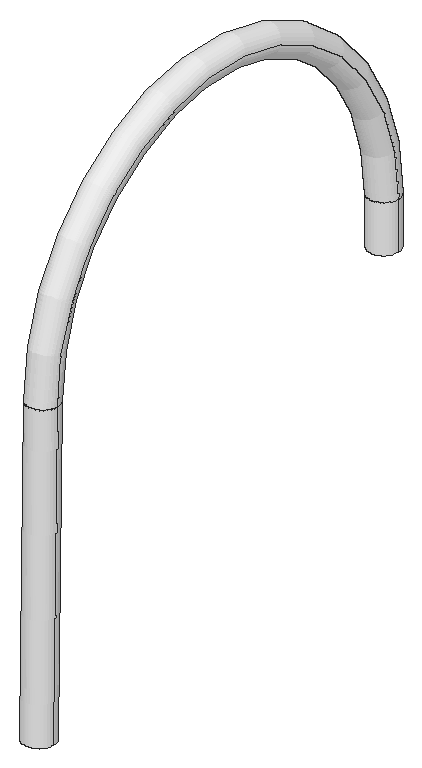
Revit family "Deca_Misturador monocomando de mesa para cozinha_Spin Gourmet_2281", category Plumbing Fixtures, host Face, Revit 2019 (continued)
Lines and regions (mm)
  symbolic lines
    curve 207: arc (0, -6.251, 431.333) -> (0, -6.309, 428.852) -> (0, -6.251, 426.371) r 53.121
    curve 208: arc (0, 6.249, 433.002) -> (0, 6.193, 430.573) -> (0, 6.244, 428.145) r 55.018
    curve 209: line (0, 6.249, 431.377) -> (0, 6.237, 423.087)
    curve 210: line (0, 6.249, 421.366) -> (0, 6.236, 413.087)
    curve 211: line (0, -6.251, 426.371) -> (0, -10.908, 418.854)
    curve 212: arc (0, 6.237, 423.087) -> (0, -0.021, 422.319) -> (0, -6.251, 421.345) r 190.396
    curve 213: line (0, -6.251, 421.345) -> (0, -6.251, 418.032)
    curve 214: line (0, 6.237, 423.087) -> (0, 6.237, 418.032)
    curve 215: line (0, -168.809, 492.876) -> (0, -163.694, 499.423)
    curve 216: line (0, -175.308, 482.046) -> (0, -171.137, 489.279)
    curve 217: line (0, -180.361, 470.521) -> (0, -177.179, 478.242)
    curve 218: line (0, -183.919, 458.275) -> (0, -181.715, 466.499)
    curve 219: line (0, -185.713, 446.002) -> (0, -184.659, 454.283)
    curve 220: arc (0, -184.659, 454.283) -> (0, -183.979, 457.995) -> (0, -183.085, 461.662) r 65.307
    curve 221: arc (0, -181.715, 466.499) -> (0, -180.521, 470.075) -> (0, -179.186, 473.601) r 95.25
    curve 222: arc (0, -177.179, 478.242) -> (0, -175.524, 481.629) -> (0, -173.735, 484.949) r 95.25
    curve 223: arc (0, -171.137, 489.279) -> (0, -169.096, 492.466) -> (0, -166.824, 495.494) r 51.078
    curve 224: arc (0, -159.458, 484.3) -> (0, -157.886, 486.814) -> (0, -155.984, 489.087) r 21.487
    curve 225: arc (0, -164.955, 474.826) -> (0, -163.601, 477.443) -> (0, -162.156, 480.01) r 82.75
    curve 226: arc (0, -169.154, 464.706) -> (0, -168.158, 467.48) -> (0, -167.063, 470.216) r 82.75
    curve 227: arc (0, -171.974, 454.147) -> (0, -171.351, 457.029) -> (0, -170.627, 459.886) r 82.75
    curve 228: arc (0, -173.375, 443.341) -> (0, -173.138, 446.265) -> (0, -172.798, 449.178) r 82.75
    curve 229: arc (0, -185.38, 449.319) -> (0, -185.748, 445.575) -> (0, -185.968, 441.82) r 95.25
    curve 230: arc (0, -152.76, 492.962) -> (0, -158.173, 496.284) -> (0, -163.694, 499.423) r 189.873
    curve 231: arc (0, -159.458, 484.3) -> (0, -165.351, 486.665) -> (0, -171.137, 489.279) r 148.706
    curve 232: arc (0, -164.955, 474.826) -> (0, -171.034, 476.654) -> (0, -177.179, 478.242) r 162.043
    curve 233: arc (0, -169.154, 464.706) -> (0, -175.421, 465.698) -> (0, -181.715, 466.499) r 207.823
    curve 234: arc (0, -171.974, 454.147) -> (0, -178.315, 454.358) -> (0, -184.659, 454.283) r 140.471
    curve 235: arc (0, -173.375, 443.341) -> (0, -179.67, 442.568) -> (0, -185.968, 441.82) r 1596.484
    curve 236: line (0, -185.968, 441.82) -> (0, -194.79, 436.976)
    curve 237: line (0, -14.488, 305.2) -> (0, -14.488, 408.443)
    curve 238: line (0, 14.791, 305.2) -> (0, 14.791, 408.443)
    curve 239: line (0, -14.488, 402.516) -> (0, 14.791, 405.367)
    curve 240: line (0, -13.056, 392.047) -> (0, 14.791, 394.974)
    curve 241: line (0, -13.056, 381.428) -> (0, 14.791, 384.354)
    curve 242: line (0, -13.056, 370.808) -> (0, 14.791, 373.735)
    curve 243: line (0, -13.056, 360.188) -> (0, 14.791, 363.115)
    curve 244: line (0, -13.056, 349.569) -> (0, 14.791, 352.496)
    curve 245: line (0, -13.056, 338.949) -> (0, 14.791, 341.876)
    curve 246: line (0, -13.056, 328.33) -> (0, 14.791, 331.257)
    curve 247: line (0, -13.056, 317.71) -> (0, 14.791, 320.637)
    curve 248: line (0, -13.056, 307.091) -> (0, 14.791, 310.018)
    curve 249: line (0, -9.5, 415.843) -> (0, -9.5, 418.605)
    curve 250: line (0, -9.5, 418.605) -> (0, -10.908, 418.854)
    curve 251: line (0, -9.5, 415.843) -> (0, -14.488, 408.443)
    curve 252: line (0, 14.791, 408.443) -> (0, 9.5, 410.847)
    curve 253: line (0, 9.5, 409.139) -> (0, 9.5, 413.471)
    curve 254: arc (0, 6.236, 413.087) -> (0, -1.656, 412.084) -> (0, -9.5, 410.753) r 190.396
    curve 255: line (0, -196.797, 425.594) -> (0, -167.544, 423.034)
    curve 256: line (0, -198.6, 415.367) -> (0, -194.79, 436.976)
    curve 257: line (0, -169.889, 409.74) -> (0, -166.055, 431.484)
    curve 258: arc (0, -173.54, 434.974) -> (0, -169.524, 433.814) -> (0, -166.055, 431.484) r 13.533
    curve 259: arc (0, -173.54, 434.974) -> (0, -173.648, 436.626) -> (0, -173.54, 438.277) r 12.689
    curve 260: line (0, -192.666, 435.203) -> (0, -168.121, 433.056)
    curve 261: line (0, -198.528, 415.774) -> (0, -169.276, 413.215)
    curve 262: spline (0, -167.958, 409.549) -> (0, -168.506, 409.65) -> (0, -170.112, 409.936) -> (0, -172.667, 410.39) -> (0, -175.996, 410.979) -> (0, -179.873, 411.664) -> (0, -184.034, 412.398) -> (0, -188.195, 413.132) -> (0, -192.072, 413.814) -> (0, -195.402, 414.399) -> (0, -197.958, 414.846) -> (0, -199.565, 415.126) -> (0, -200.114, 415.219)
    curve 263: line (0, -167.958, 409.549) -> (0, -167.622, 405.7)
    curve 264: line (0, -167.622, 405.7) -> (0, -168.421, 401.165)
    curve 265: line (0, -200.114, 415.219) -> (0, -201.747, 411.717)
    curve 266: line (0, -201.747, 411.717) -> (0, -202.547, 407.182)
    curve 267: arc (0, -202.547, 407.182) -> (0, -201.849, 403.75) -> (0, -198.997, 401.717) r 4.778
    curve 268: arc (0, -168.421, 401.165) -> (0, -170.331, 398.161) -> (0, -173.805, 397.38) r 4.663
    curve 269: line (0, -198.997, 401.717) -> (0, -173.805, 397.38)
    curve 270: line (0, -173.54, 312.037) -> (0, -173.54, 397.342)
    curve 271: line (0, -186.04, 312.037) -> (0, -186.04, 399.486)
    curve 272: line (0, -190.153, 280.2) -> (0, -190.153, 298.2)
    curve 273: line (0, -162.5, 298.2) -> (0, -162.515, 293.95)
    curve 274: line (0, -162.515, 293.95) -> (0, -16.5, 293.95)
    curve 275: line (0, -16.5, 293.95) -> (0, -16.5, 305.2)
    curve 276: line (0, -16.5, 305.2) -> (0, 16.5, 305.2)
    curve 277: line (0, 16.5, 305.2) -> (0, 16.5, 280.2)
    curve 278: line (0, 16.5, 280.2) -> (0, -16.5, 280.2)
    curve 279: line (0, -16.5, 280.2) -> (0, -16.5, 284.45)
    curve 280: line (0, -16.5, 284.45) -> (0, -162.5, 284.45)
    curve 281: line (0, -162.5, 284.45) -> (0, -162.5, 280.2)
    curve 282: line (0, -162.5, 280.2) -> (0, -190.369, 280.2)
    curve 283: line (0, -190.369, 280.2) -> (0, -190.369, 298.804)
    curve 284: line (0, -13, 114) -> (0, -13, 280.2)
    curve 285: line (0, 13, 114) -> (0, 13, 280.2)
    curve 286: line (0, 26, 96.6) -> (0, 26, 3.122)
    curve 287: line (0, 28.5, 3.122) -> (0, -28.5, 3.122)
    curve 288: line (0, -26, 3.122) -> (0, -26, 28.4)
    curve 289: arc (0, -26, 28.4) -> (0, -27.318, 31.582) -> (0, -30.5, 32.9) r 4.5
    curve 290: line (0, -30.5, 32.9) -> (0, -59.5, 32.9)
    curve 291: line (0, -59.5, 32.9) -> (0, -59.5, 74.9)
    curve 292: line (0, -59.5, 74.9) -> (0, -30.5, 74.9)
    curve 293: arc (0, -30.5, 74.9) -> (0, -27.318, 76.218) -> (0, -26, 79.4) r 4.5
    curve 294: line (0, -26, 79.4) -> (0, -26, 96.6)
    curve 295: line (0, -26, 96.6) -> (0, 26, 96.6)
    curve 296: line (0, -61.9, 31.65) -> (0, -86.1, 31.65)
    curve 297: arc (0, -86.1, 31.65) -> (0, -86.719, 53.9) -> (0, -86.1, 76.15) r 400
    curve 298: line (0, -86.1, 76.15) -> (0, -81.15, 76.15)
    curve 299: line (0, -81.15, 76.15) -> (0, -81.15, 142.1)
    curve 300: line (0, -81.15, 142.1) -> (0, -71.65, 142.1)
    curve 301: line (0, -71.65, 142.1) -> (0, -71.65, 76.15)
    curve 302: line (0, -71.65, 76.15) -> (0, -61.9, 76.15)
    curve 303: line (0, -61.9, 76.15) -> (0, -61.9, 31.65)
    curve 304: line (0, -23, 98) -> (0, -23, 114)
    curve 305: line (0, -23, 114) -> (0, 23, 114)
    curve 306: line (0, 23, 114) -> (0, 23, 98)
    curve 307: line (0, 23, 98) -> (0, -23, 98)
    curve 308: line (0, -193.79, 204.426) -> (0, -193.79, 167.943)
    curve 309: arc (0, -193.79, 167.943) -> (0, -193.644, 167.59) -> (0, -193.29, 167.443) r 0.5
    curve 310: line (0, -193.29, 167.443) -> (0, -166.29, 167.443)
    curve 311: arc (0, -166.29, 167.443) -> (0, -165.937, 167.59) -> (0, -165.79, 167.943) r 0.5
    curve 312: line (0, -165.79, 167.943) -> (0, -165.79, 223.643)
    curve 313: line (0, -165.79, 223.643) -> (0, -193.79, 223.643)
    curve 314: line (0, -193.79, 223.643) -> (0, -193.79, 211.461)
    curve 315: line (0, -165.79, 223.643) -> (0, -165.79, 279.2)
    curve 316: line (0, -193.79, 280.143) -> (0, -193.79, 223.643)
    curve 317: line (0, -189.708, 280.143) -> (0, -193.79, 280.143)
    curve 318: line (0, -190.66, 298.917) -> (0, -190.322, 309.07)
    curve 319: line (0, -169.258, 309.07) -> (0, -168.929, 299.2)
    curve 320: arc (0, -169.258, 309.07) -> (0, -169.562, 309.756) -> (0, -170.257, 310.037) r 1
    curve 321: line (0, -189.323, 310.037) -> (0, -170.257, 310.037)
    curve 322: arc (0, -189.323, 310.037) -> (0, -190.018, 309.756) -> (0, -190.322, 309.07) r 1
    curve 323: line (0, -172.29, 310.037) -> (0, -172.29, 312.037)
    curve 324: line (0, -172.29, 312.037) -> (0, -187.29, 312.037)
    curve 325: line (0, -187.29, 312.037) -> (0, -187.29, 310.037)
    curve 326: line (0, -163.5, 299.2) -> (0, -189.962, 299.2)
    curve 327: arc (0, -162.5, 298.2) -> (0, -162.793, 298.907) -> (0, -163.5, 299.2) r 1
    curve 328: arc (0, -163.5, 279.2) -> (0, -162.793, 279.493) -> (0, -162.5, 280.2) r 1
    curve 329: line (0, -163.5, 279.2) -> (0, -180.717, 279.2)
    curve 330: arc (0, -162.5, 284.45) -> (0, -163.305, 289.199) -> (0, -162.515, 293.95) r 14.544
    curve 331: arc (0, -194.089, 213.902) -> (0, -197.915, 211.88) -> (0, -199.385, 207.81) r 6
    curve 332: arc (0, -199.385, 207.81) -> (0, -197.826, 203.907) -> (0, -194.089, 201.985) r 6
    curve 333: line (0, -194.089, 201.985) -> (0, -194.089, 213.902)
    curve 334: line (0, -193.79, 204.426) -> (0, -193.79, 211.461)
    curve 335: arc (0, -26, 28.4) -> (0, -14.407, 53.9) -> (0, -26, 79.4) r 33.842
    curve 336: line (0, -61.9, 35.002) -> (0, -59.5, 35.002)
    curve 337: line (0, -61.9, 72.798) -> (0, -59.5, 72.798)
    curve 338: line (0, -28.5, 0) -> (0, 28.5, 0)
    curve 339: line (0, -28.5, 3.122) -> (0, -28.5, 0)
    curve 340: line (0, 28.5, 0) -> (0, 28.5, 3.122)
    curve 341: line (0, -197.665, 420.67) -> (0, -168.413, 418.11)
    curve 342: line (0, -195.933, 430.489) -> (0, -166.681, 427.93)
    curve 343: line (14.273, 0, 167.443) -> (14.273, 0, 223.643)
    curve 344: line (-13.727, 0, 223.643) -> (-13.727, 0, 167.443)
    curve 345: line (-13.727, 0, 167.443) -> (14.273, 0, 167.443)
    curve 346: circle (0.273, 0, 207.443) r 6 normal (0, -1, 0)
    curve 347: line (14.273, 0, 224.143) -> (14.273, 0, 280.143)
    curve 348: line (14.273, 0, 280.143) -> (-13.727, 0, 280.143)
    curve 349: line (-13.727, 0, 280.143) -> (-13.727, 0, 224.143)
    curve 350: line (-13.727, 0, 224.143) -> (14.273, 0, 224.143)
    curve 351: line (16.499, 0, 280.2) -> (16.499, 0, 305.2)
    curve 352: line (16.499, 0, 305.2) -> (10.794, 0, 305.2)
    curve 353: line (15.499, 0, 280.2) -> (16.499, 0, 280.2)
    curve 354: line (-10.574, 0, 305.2) -> (-16.501, 0, 305.2)
    curve 355: line (-16.501, 0, 305.2) -> (-16.501, 0, 280.2)
    curve 356: line (-16.501, 0, 280.2) -> (-15.501, 0, 280.2)
    curve 357: line (-10.78, 0, 299.2) -> (-10.441, 0, 309.08)
    curve 358: line (-10.441, 0, 309.08) -> (10.698, 0, 309.08)
    curve 359: line (10.698, 0, 309.08) -> (10.942, 0, 299.2)
    curve 360: line (-15.03, 0, 305.2) -> (-15.03, 0, 406.692)
    curve 361: line (-15.03, 0, 406.692) -> (15.646, 0, 406.692)
    curve 362: line (15.646, 0, 305.2) -> (15.646, 0, 406.692)
    curve 363: line (15.646, 0, 380.999) -> (6.331, 0, 380.184)
    curve 364: line (15.646, 0, 391.038) -> (6.331, 0, 390.223)
    curve 365: line (-6.169, 0, 309.08) -> (-6.169, 0, 406.692)
    curve 366: line (6.331, 0, 309.08) -> (6.331, 0, 406.692)
    curve 367: line (-14.589, 0, 418.943) -> (-14.589, 0, 436.357)
    curve 368: line (-14.589, 0, 436.357) -> (15.646, 0, 439.002)
    curve 369: line (15.646, 0, 418.943) -> (15.646, 0, 439.002)
    curve 370: line (-14.589, 0, 430.801) -> (15.646, 0, 433.446)
    curve 371: line (-14.589, 0, 425.911) -> (15.646, 0, 428.557)
    curve 372: line (-14.589, 0, 420.892) -> (15.646, 0, 423.538)
    curve 373: line (-6.727, 0, 451.537) -> (7.273, 0, 458.091)
    curve 374: line (-6.727, 0, 463.617) -> (7.273, 0, 473.644)
    curve 375: line (-6.938, 0, 476.319) -> (7.273, 0, 485.682)
    curve 376: line (-6.727, 0, 486.743) -> (7.273, 0, 493.877)
    curve 377: line (-6.727, 0, 497.174) -> (7.273, 0, 505.173)
    curve 378: line (-6.727, 0, 507.633) -> (7.273, 0, 513.953)
    curve 379: line (-6.727, 0, 437.045) -> (7.273, 0, 449.115)
    curve 380: line (-6.727, 0, 525.591) -> (-6.727, 0, 518.759)
    curve 381: line (7.273, 0, 438.27) -> (7.273, 0, 443.27)
    curve 382: line (-12.475, 0, 436.542) -> (-6.727, 0, 445.725)
    curve 383: line (-6.727, 0, 448.218) -> (-8.645, 0, 461.873)
    curve 384: line (-8.645, 0, 461.873) -> (-11.505, 0, 476.218)
    curve 385: line (-11.505, 0, 476.218) -> (-12.778, 0, 489.31)
    curve 386: line (-12.778, 0, 489.31) -> (-13.839, 0, 500.778)
    curve 387: line (-13.839, 0, 500.778) -> (-14.434, 0, 510.532)
    curve 388: arc (-14.434, 0, 510.532) -> (-15.141, 0, 514.192) -> (-14.679, 0, 517.891) r 11.884
    curve 389: arc (-14.679, 0, 517.891) -> (-15.094, 0, 520.86) -> (-14.831, 0, 523.846) r 13.228
    curve 390: arc (-14.831, 0, 523.846) -> (-15.14, 0, 526.536) -> (-14.831, 0, 529.227) r 11.847
    curve 391: arc (-14.831, 0, 529.227) -> (-13.065, 0, 533.695) -> (-10.078, 0, 537.459) r 16.373
    curve 392: arc (-10.078, 0, 537.459) -> (-6.171, 0, 540.1) -> (-1.636, 0, 541.395) r 14.97
    curve 393: arc (-1.636, 0, 541.395) -> (3.427, 0, 541.169) -> (8.145, 0, 539.316) r 15.456
    curve 394: arc (8.145, 0, 539.316) -> (12.004, 0, 536.027) -> (14.573, 0, 531.656) r 15.261
    curve 395: arc (14.573, 0, 531.656) -> (15.489, 0, 528.096) -> (15.59, 0, 524.422) r 16.392
    curve 396: arc (15.59, 0, 524.422) -> (15.681, 0, 522.545) -> (15.273, 0, 520.711) r 7.055
    curve 397: arc (15.273, 0, 520.711) -> (15.661, 0, 517.275) -> (15.273, 0, 513.84) r 15.398
    curve 398: arc (15.273, 0, 513.84) -> (15.693, 0, 509.754) -> (14.709, 0, 505.767) r 11.989
    curve 399: arc (14.709, 0, 505.767) -> (15.613, 0, 500.351) -> (13.934, 0, 495.124) r 11.635
    curve 400: arc (13.934, 0, 495.124) -> (15.424, 0, 491.524) -> (15.255, 0, 487.632) r 9.009
    curve 401: arc (15.255, 0, 487.632) -> (14.265, 0, 484.983) -> (12.787, 0, 482.573) r 14.715
    curve 402: arc (12.787, 0, 482.573) -> (14.652, 0, 479.962) -> (15.562, 0, 476.886) r 9.694
    curve 403: arc (15.562, 0, 476.886) -> (14.651, 0, 472.21) -> (11.168, 0, 468.959) r 7.717
    curve 404: arc (11.168, 0, 468.959) -> (13.959, 0, 466.482) -> (15.453, 0, 463.061) r 8.683
    curve 405: arc (15.453, 0, 463.061) -> (15.075, 0, 459.944) -> (12.93, 0, 457.651) r 5.056
    curve 406: arc (12.93, 0, 457.651) -> (10.29, 0, 455.752) -> (7.273, 0, 454.539) r 13.485
    curve 407: arc (7.273, 0, 454.095) -> (11.028, 0, 452.756) -> (14.238, 0, 450.392) r 13.69
    curve 408: arc (14.238, 0, 450.392) -> (15.454, 0, 448.067) -> (15.106, 0, 445.468) r 4.331
    curve 409: arc (15.106, 0, 445.468) -> (14.487, 0, 444.474) -> (13.656, 0, 443.651) r 5.039
    curve 410: arc (7.273, 0, 441.453) -> (10.603, 0, 442.151) -> (13.656, 0, 443.651) r 13.644
    curve 411: arc (-15.03, 0, 406.692) -> (-16.414, 0, 408.783) -> (-16.727, 0, 411.272) r 5.502
    curve 412: line (-16.727, 0, 410.119) -> (-16.727, 0, 415.943)
    curve 413: line (-16.727, 0, 415.943) -> (-15.727, 0, 418.943)
    curve 414: line (-15.727, 0, 418.943) -> (16.343, 0, 418.943)
    curve 415: arc (15.646, 0, 406.692) -> (16.801, 0, 408.253) -> (17.343, 0, 410.119) r 5.502
    curve 416: line (17.343, 0, 410.119) -> (17.343, 0, 415.943)
    curve 417: line (17.343, 0, 415.943) -> (16.343, 0, 418.943)
    curve 418: arc (-11.727, 0, 527.117) -> (0.773, 0, 535.965) -> (13.273, 0, 527.117) r 13.254
    curve 419: line (-6.727, 0, 457.126) -> (-6.727, 0, 445.725)
    curve 420: line (-6.727, 0, 472.342) -> (-6.727, 0, 463.617)
    curve 421: line (-6.727, 0, 486.743) -> (-6.727, 0, 480.233)
    curve 422: line (-6.727, 0, 501.756) -> (-6.727, 0, 494.71)
    curve 423: line (-6.727, 0, 511.208) -> (-6.727, 0, 506.208)
    curve 424: line (7.273, 0, 519.842) -> (7.273, 0, 527.117)
    curve 425: line (7.273, 0, 509.842) -> (7.273, 0, 515.823)
    curve 426: line (7.273, 0, 498.818) -> (7.273, 0, 505.173)
    curve 427: line (7.273, 0, 481.768) -> (7.273, 0, 489.842)
    curve 428: line (7.273, 0, 467.376) -> (7.273, 0, 475.362)
    curve 429: line (7.273, 0, 449.115) -> (7.273, 0, 460.549)
    curve 430: line (-6.169, 0, 389.129) -> (-15.03, 0, 388.354)
    curve 431: line (-6.169, 0, 379.091) -> (-15.03, 0, 378.316)
    curve 432: line (15.646, 0, 370.961) -> (6.331, 0, 370.146)
    curve 433: line (-6.169, 0, 369.053) -> (-15.03, 0, 368.277)
    curve 434: line (15.646, 0, 360.923) -> (6.331, 0, 360.108)
    curve 435: line (-6.169, 0, 359.014) -> (-15.03, 0, 358.239)
    curve 436: line (15.646, 0, 350.885) -> (6.331, 0, 350.07)
    curve 437: line (-6.169, 0, 348.976) -> (-15.03, 0, 348.201)
    curve 438: line (15.646, 0, 340.847) -> (6.331, 0, 340.032)
    curve 439: line (-6.169, 0, 338.938) -> (-15.03, 0, 338.163)
    curve 440: line (15.646, 0, 330.808) -> (6.331, 0, 329.993)
    curve 441: line (-6.169, 0, 328.9) -> (-15.03, 0, 328.125)
    curve 442: line (15.646, 0, 320.77) -> (6.331, 0, 319.955)
    curve 443: line (-6.169, 0, 318.862) -> (-15.03, 0, 318.086)
    curve 444: line (15.646, 0, 310.732) -> (6.331, 0, 309.917)
    curve 445: line (-10.463, 0, 308.448) -> (-15.03, 0, 308.048)
    curve 446: line (15.646, 0, 401.076) -> (6.331, 0, 400.261)
    curve 447: line (-6.169, 0, 399.167) -> (-15.03, 0, 398.392)
    curve 448: line (-13.001, 0, 114) -> (-13.001, 0, 167.443)
    curve 449: line (12.999, 0, 114) -> (12.999, 0, 167.443)
    curve 450: line (-4.751, 0, 75.637) -> (-4.751, 0, 142.1)
    curve 451: line (-4.751, 0, 142.1) -> (4.749, 0, 142.1)
    curve 452: line (4.749, 0, 142.1) -> (4.749, 0, 75.637)
    curve 453: circle (-0.001, 0, 53.9) r 22.25 normal (0, -1, 0)
    curve 454: line (4.749, 0, 96.6) -> (25.999, 0, 96.6)
    curve 455: line (25.999, 0, 96.6) -> (25.999, 0, 3.122)
    curve 456: arc (25.999, 0, 3.122) -> (26.35, 0, 2.122) -> (27.249, 0, 1.561) r 1.6
    curve 457: arc (27.249, 0, 1.561) -> (28.148, 0, 1) -> (28.499, 0, 0) r 1.6
    curve 458: line (28.499, 0, 0) -> (-28.501, 0, 0)
    curve 459: arc (-28.501, 0, 0) -> (-28.15, 0, 1) -> (-27.251, 0, 1.561) r 1.6
    curve 460: arc (-27.251, 0, 1.561) -> (-26.352, 0, 2.122) -> (-26.001, 0, 3.122) r 1.6
    curve 461: line (-26.001, 0, 3.122) -> (-26.001, 0, 96.6)
    curve 462: line (-26.001, 0, 96.6) -> (-4.751, 0, 96.6)
    curve 463: line (4.749, 0, 114) -> (22.999, 0, 114)
    curve 464: line (22.999, 0, 114) -> (22.999, 0, 98)
    curve 465: line (22.999, 0, 98) -> (4.749, 0, 98)
    curve 466: line (-4.751, 0, 98) -> (-23.001, 0, 98)
    curve 467: line (-23.001, 0, 98) -> (-23.001, 0, 114)
    curve 468: line (-23.001, 0, 114) -> (-4.751, 0, 114)
    curve 469: line (-20.001, 0, 98) -> (-20.001, 0, 96.6)
    curve 470: line (19.999, 0, 98) -> (19.999, 0, 96.6)
    curve 471: line (25.999, 0, 3.122) -> (-26.001, 0, 3.122)
    curve 472: arc (-4.751, 0, 78.786) -> (-9.751, 0, 76.712) -> (-14.048, 0, 73.418) r 20.818
    curve 473: arc (-14.048, 0, 73.418) -> (-18.5, 0, 67.548) -> (-21.19, 0, 60.688) r 26.865
    curve 474: arc (4.749, 0, 78.786) -> (9.75, 0, 76.712) -> (14.046, 0, 73.418) r 20.818
    curve 475: arc (14.046, 0, 73.418) -> (18.499, 0, 67.548) -> (21.188, 0, 60.688) r 26.865
    curve 476: arc (-0.001, 0, 28.31) -> (-7.603, 0, 30.008) -> (-14.048, 0, 34.382) r 20.818
    curve 477: arc (-14.048, 0, 34.382) -> (-18.5, 0, 40.252) -> (-21.19, 0, 47.112) r 26.865
    curve 478: arc (-0.001, 0, 28.31) -> (7.601, 0, 30.008) -> (14.046, 0, 34.382) r 20.818
    curve 479: arc (14.046, 0, 34.382) -> (18.499, 0, 40.252) -> (21.188, 0, 47.112) r 26.865
    curve 480: arc (-14.501, 0, 299.2) -> (-15.208, 0, 298.907) -> (-15.501, 0, 298.2) r 1
    curve 481: line (-15.501, 0, 298.2) -> (-15.501, 0, 280.2)
    curve 482: arc (-15.501, 0, 280.2) -> (-15.208, 0, 279.493) -> (-14.501, 0, 279.2) r 1
    curve 483: line (-13.727, 0, 278.839) -> (-14.501, 0, 279.2)
    curve 484: line (-14.501, 0, 299.2) -> (-8.001, 0, 299.2)
    curve 485: line (-8.001, 0, 299.2) -> (-8.001, 0, 280.143)
    curve 486: arc (14.499, 0, 299.2) -> (15.206, 0, 298.907) -> (15.499, 0, 298.2) r 1
    curve 487: line (15.499, 0, 298.2) -> (15.499, 0, 280.2)
    curve 488: arc (15.499, 0, 280.2) -> (15.121, 0, 279.417) -> (14.273, 0, 279.226) r 1
    curve 489: line (14.499, 0, 299.2) -> (7.999, 0, 299.2)
    curve 490: line (7.999, 0, 299.2) -> (7.999, 0, 280.143)
Dimensions and locks
  aligned and locked: plane 2 to host face
  aligned and locked: level to host face
Connectors
  piping at (-11.464, 0, 0), diameter 15, driven by "Raio Água Quente"
    settings: on plane 2, index 1, connector inside diameter 609.6 mm, connector length 0 mm, flow factor 0, pipe flow 0.0 L/s, pressure drop 0.0 Pa, fitting loss kfactor 0, connector angle 0.00°, fixture units 0, engagement length 0 mm, angle of deflection 0.00°, flow configuration 3, flow direction 1, fitting loss method 4, system type 19, joint type 0, gender type 0, connector reference index -1, connector utility 0, adjustable connector no, is connector primary yes, connector description ""
  piping at (11.536, 0, 0), diameter 15, driven by "Raio Água Fria"
    settings: on plane 2, index 2, connector inside diameter 609.6 mm, connector length 0 mm, flow factor 0, pipe flow 0.0 L/s, pressure drop 0.0 Pa, fitting loss kfactor 0, connector angle 0.00°, fixture units 0, engagement length 0 mm, angle of deflection 0.00°, flow configuration 3, flow direction 1, fitting loss method 4, system type 20, joint type 0, gender type 0, connector reference index -1, connector utility 0, adjustable connector no, is connector primary no, connector description ""
